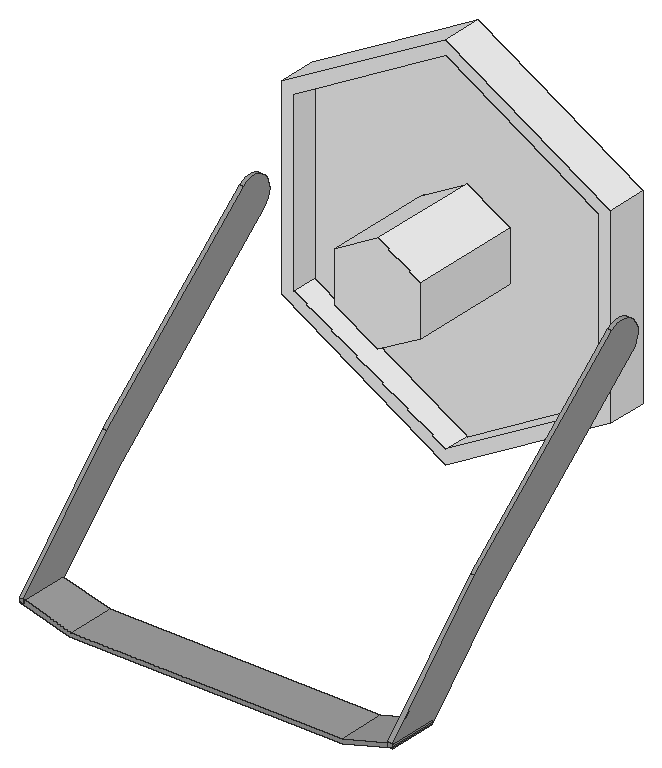
Revit family "Lighting-Floodlights-GEWISS-ESALITE-FL-LED_16K_DALI", category Apparecchi per illuminazione, host Superficie, Revit 2019 (continued)
Types (12, lengths in mm): name | Versions | Technical sheet | Optic | Numero poli | Nominal flux (lm) | built-in parameter 1150142 | Modello | Lumen output (lm) | IDT | File diagramma fotometrico | Descrizione | Colour temperature:
  GWS6434GD - ESALITE 16K 90° 4000K PRO+V.GR.DALI | "4000K natural light" | "https://www.gewiss.com/ww/en/search?q=GWS6434GD" | "90°" | 1 | "17000" | "IESNA:LM-63-2002\r\n[TEST] GWS6434GD\r\n[TESTLAB] GEWISS\r\n[TESTDATE] 31 Aug 2018\r\n[ISSUEDATE] 31 Aug 2018\r\n[MANUFAC] GEWISS\r\n[LUMCAT] GWS6434GD\r\n[LUMINAIRE] ESALITE FL 16K+GLAS 90° GR. DALI LED840\r\n[FLASHAREA] 0.030706\r\n[LAMPCAT] LED 125W/4000K - 14400lm\r\n[LAMP] LED 125W/4000K - 14400lm\r\nTILT=NONE\r\n1 14400.00 1.0 28 19 1 2 -0.402 -0.402 0.000\r\n1.00 1.00 125.00\r\n0.00 2.50 5.00 7.50 10.00 12.50 15.00 17.50 20.00 22.50 \r\n25.00 27.50 30.00 32.50 35.00 37.50 40.00 42.50 45.00 \r\n50.00 55.00 60.00 65.00 70.00 75.00 80.00 85.00 90.00 \r\n0.00 5.00 10.00 15.00 20.00 25.00 30.00 35.00 40.00 45.00 \r\n50.00 55.00 60.00 65.00 70.00 75.00 80.00 85.00 90.00 \r\n8316.86 8296.27 8298.14 8351.71 8458.27 8567.28 8558.06 \r\n8467.78 8355.46 8250.34 8129.09 7984.08 7794.72 7529.90 \r\n7174.80 6646.46 5351.47 2855.95 1245.86 705.72 750.51 \r\n616.25 528.36 414.88 280.40 141.02 45.34 0.86 \r\n8316.86 8299.44 8302.90 8362.94 8476.13 8579.95 8580.10 \r\n8488.08 8375.04 8267.76 8145.65 7992.72 7800.91 7530.34 \r\n7168.61 6633.22 5330.02 2837.66 1236.20 692.65 779.14 \r\n612.27 525.23 412.01 276.38 145.01 44.50 0.85 \r\n8316.86 8295.55 8296.42 8354.45 8472.82 8577.65 8576.93 \r\n8484.34 8374.90 8268.48 8150.26 8001.07 7805.66 7542.00 \r\n7182.86 6646.61 5352.19 2852.64 1237.75 689.88 686.43 \r\n608.13 523.37 409.29 269.37 140.29 42.48 0.84 \r\n8316.86 8294.69 8299.87 8354.88 8477.42 8579.95 8576.93 \r\n8483.33 8369.71 8263.44 8143.92 8000.50 7803.65 7541.42 \r\n7182.00 6644.88 5347.87 2855.23 1240.13 696.82 702.22 \r\n616.00 527.17 407.28 261.55 135.74 43.65 0.83 \r\n8316.86 8295.55 8299.73 8355.46 8486.35 8588.16 8585.57 \r\n8489.95 8370.72 8266.90 8149.97 8001.36 7807.25 7542.43 \r\n7183.44 6645.02 5345.57 2853.22 1234.31 717.11 1150.57 \r\n614.40 525.11 394.19 252.22 125.43 37.74 0.81 \r\n8316.86 8291.09 8292.38 8349.12 8484.19 8584.56 8578.94 \r\n8479.44 8367.41 8265.74 8148.53 8000.78 7806.24 7542.72 \r\n7189.34 6653.09 5358.67 2861.14 1239.12 736.86 1116.23 \r\n622.12 528.88 383.83 248.34 112.94 34.01 0.80 \r\n8316.86 8290.94 8289.94 8354.59 8494.85 8596.37 8584.13 \r\n8484.62 8369.28 8264.45 8150.11 7999.49 7803.22 7538.11 \r\n7186.03 6648.77 5345.42 2847.89 1230.83 743.62 858.59 \r\n621.52 526.29 376.66 245.20 102.31 33.50 0.77 \r\n8316.86 8286.77 8282.45 8353.01 8500.61 8601.26 8591.62 \r\n8481.74 8369.14 8270.35 8154.43 8002.08 7802.21 7541.57 \r\n7192.51 6658.85 5355.94 2856.53 1234.67 745.69 1006.93 \r\n622.80 529.57 384.29 249.02 113.92 33.80 0.75 \r\n8316.86 8285.90 8280.72 8354.59 8514.86 8616.10 8597.09 \r\n8486.93 8375.47 8277.84 8158.90 8008.13 7812.43 7554.53 \r\n7202.88 6670.22 5365.87 2859.26 1230.34 726.57 1056.87 \r\n615.30 527.17 395.74 254.13 127.17 38.12 0.72 \r\n8316.86 8278.70 8273.81 8352.00 8516.30 8622.14 8596.94 \r\n8477.71 8363.52 8261.14 8143.92 7993.58 7794.00 7538.40 \r\n7189.92 6656.54 5357.23 2855.81 1224.82 692.81 687.93 \r\n612.23 524.36 405.91 260.27 134.53 43.50 0.69 \r\n8316.86 8280.43 8271.65 8357.90 8530.13 8644.46 8610.91 \r\n8486.06 8378.50 8279.71 8163.07 8013.74 7818.34 7568.06 \r\n7218.86 6679.58 5373.36 2859.55 1227.79 695.25 686.71 \r\n612.65 526.55 412.59 271.51 141.07 43.21 0.68 \r\n8316.86 8276.26 8268.91 8362.37 8539.49 8652.67 8612.64 \r\n8483.04 8369.71 8269.63 8158.46 8009.57 7805.95 7554.82 \r\n7205.90 6671.81 5370.48 2861.71 1228.06 696.01 756.39 \r\n615.34 526.68 414.30 278.02 144.82 45.18 0.67 \r\n8316.86 8273.38 8271.65 8373.89 8556.91 8665.63 8617.82 \r\n8482.18 8370.72 8277.12 8164.22 8011.73 7808.98 7553.81 \r\n7200.72 6663.31 5353.49 2844.43 1220.21 699.39 751.56 \r\n614.15 525.89 414.13 280.90 140.23 45.49 0.66 \r\n8316.86 8267.47 8266.90 8373.46 8560.37 8667.94 8614.51 \r\n8474.26 8366.40 8273.38 8161.06 8008.13 7810.85 7558.27 \r\n7206.48 6671.52 5362.27 2851.20 1219.08 692.70 782.01 \r\n613.14 525.07 412.92 277.57 145.66 44.72 0.65 \r\n8316.86 8263.15 8267.33 8384.83 8570.45 8680.61 8615.38 \r\n8474.69 8368.56 8274.24 8162.93 8012.45 7811.86 7553.81 \r\n7201.44 6667.63 5362.27 2854.37 1217.32 688.90 681.90 \r\n608.62 522.81 409.78 270.22 140.40 42.78 0.66 \r\n8316.86 8265.89 8265.74 8388.14 8575.20 8689.25 8617.82 \r\n8479.73 8377.63 8285.18 8176.61 8025.12 7826.40 7569.36 \r\n7218.58 6680.16 5370.77 2865.74 1221.36 692.12 712.63 \r\n611.96 523.67 405.33 260.77 135.46 43.63 0.67 \r\n8316.86 8261.71 8264.88 8390.16 8581.39 8687.81 8613.36 \r\n8469.22 8364.82 8273.52 8166.10 8010.86 7813.73 7556.83 \r\n7205.90 6668.06 5354.64 2859.12 1221.11 715.72 1333.70 \r\n613.08 525.11 394.06 253.11 126.36 38.45 0.68 \r\n8316.86 8261.57 8262.14 8394.34 8585.71 8695.73 8618.26 \r\n8470.51 8368.56 8281.44 8168.40 8014.03 7815.31 7556.83 \r\n7211.23 6669.07 5360.26 2860.70 1223.77 729.81 1224.84 \r\n621.24 526.92 381.87 248.03 112.85 34.05 0.69 \r\n8316.86 8267.33 8267.33 8396.50 8590.18 8696.88 8611.34 \r\n8468.64 8364.96 8274.82 8157.74 8001.50 7800.34 7538.98 \r\n7199.57 6663.46 5362.99 2872.94 1233.00 745.49 850.12 \r\n625.65 530.88 378.60 247.94 103.02 34.38 0.69 \r\n" | "GWS6434GD" | "14400" | "d91f92a02ab34bd888a51b3b2dd18d37" | "GWS6434GD.IES" | "ESALITE 16K 90° 4000K PRO+V.GR.DALI" | "4000 K (CRI>80)"
  GWS6434GD30K - ESALITE 16K 90° 3000K PRO+V.GR.DALI | "3000K warm light" | "https://www.gewiss.com/ww/en/search?q=GWS6434GD30K" | "90°" | 1 | "16000" | "IESNA:LM-63-2002\r\n[TEST] GWS6434GD30K\r\n[TESTLAB] GEWISS\r\n[TESTDATE] 31 Aug 2018\r\n[ISSUEDATE] 31 Aug 2018\r\n[MANUFAC] GEWISS\r\n[LUMCAT] GWS6434GD30K\r\n[LUMINAIRE] ESALITE FL 16K+GLAS 90° GR. DALI LED830\r\n[FLASHAREA] 0.030706\r\n[LAMPCAT] LED 125W/3000K - 13400lm\r\n[LAMP] LED 125W/3000K - 13400lm\r\nTILT=NONE\r\n1 13400.00 1.0 28 19 1 2 -0.402 -0.402 0.000\r\n1.00 1.00 125.00\r\n0.00 2.50 5.00 7.50 10.00 12.50 15.00 17.50 20.00 22.50 \r\n25.00 27.50 30.00 32.50 35.00 37.50 40.00 42.50 45.00 \r\n50.00 55.00 60.00 65.00 70.00 75.00 80.00 85.00 90.00 \r\n0.00 5.00 10.00 15.00 20.00 25.00 30.00 35.00 40.00 45.00 \r\n50.00 55.00 60.00 65.00 70.00 75.00 80.00 85.00 90.00 \r\n7739.30 7720.14 7721.88 7771.73 7870.89 7972.33 7963.75 \r\n7879.74 7775.22 7677.40 7564.57 7429.63 7253.42 7006.99 \r\n6676.55 6184.90 4979.84 2657.62 1159.34 656.71 698.39 \r\n573.45 491.67 386.07 260.92 131.22 42.19 0.80 \r\n7739.30 7723.09 7726.31 7782.18 7887.51 7984.12 7984.26 \r\n7898.63 7793.44 7693.61 7579.98 7437.67 7259.18 7007.40 \r\n6670.79 6172.58 4959.88 2640.60 1150.35 644.55 725.03 \r\n569.75 488.75 383.40 257.19 134.94 41.41 0.79 \r\n7739.30 7719.47 7720.28 7774.28 7884.43 7981.98 7981.31 \r\n7895.15 7793.31 7694.28 7584.27 7445.44 7263.60 7018.25 \r\n6684.05 6185.04 4980.51 2654.54 1151.80 641.97 638.76 \r\n565.90 487.02 380.87 250.66 130.55 39.53 0.78 \r\n7739.30 7718.67 7723.49 7774.68 7888.71 7984.12 7981.31 \r\n7894.21 7788.48 7689.59 7578.37 7444.91 7261.73 7017.71 \r\n6683.25 6183.43 4976.49 2656.95 1154.01 648.43 653.45 \r\n573.23 490.56 378.99 243.38 126.31 40.62 0.77 \r\n7739.30 7719.47 7723.36 7775.22 7897.02 7991.76 7989.35 \r\n7900.37 7789.42 7692.81 7584.00 7445.71 7265.08 7018.65 \r\n6684.59 6183.56 4974.35 2655.08 1148.59 667.31 1070.67 \r\n571.74 488.64 366.81 234.70 116.72 35.12 0.75 \r\n7739.30 7715.32 7716.52 7769.32 7895.01 7988.41 7983.18 \r\n7890.59 7786.34 7691.73 7582.66 7445.17 7264.14 7018.92 \r\n6690.08 6191.07 4986.54 2662.45 1153.07 685.69 1038.71 \r\n578.92 492.16 357.18 231.10 105.10 31.65 0.74 \r\n7739.30 7715.18 7714.25 7774.41 7904.93 7999.40 7988.01 \r\n7895.41 7788.08 7690.53 7584.13 7443.97 7261.33 7014.63 \r\n6687.00 6187.05 4974.21 2650.12 1145.35 691.98 798.96 \r\n578.36 489.74 350.50 228.18 95.21 31.18 0.71 \r\n7739.30 7711.30 7707.28 7772.94 7910.29 8003.95 7994.98 \r\n7892.73 7787.95 7696.02 7588.15 7446.38 7260.39 7017.85 \r\n6693.03 6196.43 4984.00 2658.16 1148.93 693.91 937.01 \r\n579.55 492.80 357.61 231.73 106.01 31.46 0.69 \r\n7739.30 7710.49 7705.67 7774.41 7923.55 8017.76 8000.07 \r\n7897.56 7793.84 7702.99 7592.31 7452.01 7269.90 7029.91 \r\n6702.68 6207.01 4993.24 2660.70 1144.90 676.11 983.48 \r\n572.57 490.56 368.26 236.48 118.34 35.48 0.67 \r\n7739.30 7703.79 7699.24 7772.00 7924.89 8023.38 7999.93 \r\n7888.98 7782.72 7687.45 7578.37 7438.47 7252.75 7014.90 \r\n6690.62 6194.28 4985.20 2657.49 1139.76 644.70 640.16 \r\n569.71 487.95 377.72 242.19 125.19 40.48 0.65 \r\n7739.30 7705.40 7697.23 7777.49 7937.76 8044.15 8012.93 \r\n7896.75 7796.66 7704.73 7596.19 7457.23 7275.40 7042.50 \r\n6717.55 6215.72 5000.21 2660.97 1142.52 646.97 639.02 \r\n570.10 489.98 383.94 252.66 131.28 40.21 0.63 \r\n7739.30 7701.52 7694.68 7781.65 7946.47 8051.79 8014.54 \r\n7893.94 7788.48 7695.35 7591.90 7453.35 7263.87 7030.18 \r\n6705.49 6208.49 4997.53 2662.98 1142.78 647.68 703.86 \r\n572.61 490.11 385.53 258.71 134.76 42.04 0.62 \r\n7739.30 7698.84 7697.23 7792.37 7962.68 8063.85 8019.36 \r\n7893.14 7789.42 7702.32 7597.26 7455.36 7266.69 7029.24 \r\n6700.67 6200.58 4981.72 2646.90 1135.48 650.82 699.37 \r\n571.50 489.37 385.37 261.39 130.49 42.33 0.61 \r\n7739.30 7693.34 7692.81 7791.97 7965.90 8066.00 8016.28 \r\n7885.77 7785.40 7698.84 7594.32 7452.01 7268.43 7033.39 \r\n6706.03 6208.22 4989.89 2653.20 1134.42 644.59 727.70 \r\n570.56 488.60 384.25 258.30 135.54 41.61 0.61 \r\n7739.30 7689.32 7693.21 7802.55 7975.28 8077.79 8017.09 \r\n7886.17 7787.41 7699.64 7596.06 7456.03 7269.37 7029.24 \r\n6701.34 6204.60 4989.89 2656.15 1132.78 641.06 634.54 \r\n566.35 486.50 381.32 251.45 130.65 39.81 0.62 \r\n7739.30 7691.87 7691.73 7805.63 7979.70 8085.83 8019.36 \r\n7890.86 7795.85 7709.82 7608.79 7467.82 7282.90 7043.71 \r\n6717.29 6216.26 4997.80 2666.73 1136.55 644.06 663.14 \r\n569.46 487.30 377.18 242.66 126.06 40.60 0.63 \r\n7739.30 7687.98 7690.93 7807.51 7985.46 8084.49 8015.21 \r\n7881.08 7783.93 7698.97 7599.01 7454.55 7271.11 7032.05 \r\n6705.49 6205.00 4982.79 2660.57 1136.31 666.02 1241.08 \r\n570.51 488.64 366.69 235.53 117.59 35.78 0.63 \r\n7739.30 7687.85 7688.38 7811.40 7989.48 8091.86 8019.77 \r\n7882.28 7787.41 7706.34 7601.15 7457.50 7272.58 7032.05 \r\n6710.45 6205.94 4988.02 2662.04 1138.79 679.13 1139.78 \r\n578.10 490.33 355.35 230.80 105.01 31.69 0.64 \r\n7739.30 7693.21 7693.21 7813.41 7993.64 8092.93 8013.33 \r\n7880.54 7784.06 7700.18 7591.23 7445.84 7258.65 7015.44 \r\n6699.60 6200.72 4990.56 2673.43 1147.38 693.72 791.08 \r\n582.20 494.02 352.31 230.72 95.87 31.99 0.64 \r\n" | "GWS6434GD30K" | "13400" | "d8864df1efa3477986d1c3ef948692d3" | "GWS6434GD30K.IES" | "ESALITE 16K 90° 3000K PRO+V.GR.DALI" | "3000 K (CRI>80)"
  GWS6434GD57K - ESALITE 16K 90° 5700K PRO+V.GR.DALI | "5700K cold light" | "https://www.gewiss.com/ww/en/search?q=GWS6434GD57K" | "90°" | 1 | "17000" | "IESNA:LM-63-2002\r\n[TEST] GWS6434GD57K\r\n[TESTLAB] GEWISS\r\n[TESTDATE] 31 Aug 2018\r\n[ISSUEDATE] 31 Aug 2018\r\n[MANUFAC] GEWISS\r\n[LUMCAT] GWS6434GD57K\r\n[LUMINAIRE] ESALITE FL 16K+GLAS 90° GR. DALI LED857\r\n[FLASHAREA] 0.030706\r\n[LAMPCAT] LED 125W/5700K - 14400lm\r\n[LAMP] LED 125W/5700K - 14400lm\r\nTILT=NONE\r\n1 14400.00 1.0 28 19 1 2 -0.402 -0.402 0.000\r\n1.00 1.00 125.00\r\n0.00 2.50 5.00 7.50 10.00 12.50 15.00 17.50 20.00 22.50 \r\n25.00 27.50 30.00 32.50 35.00 37.50 40.00 42.50 45.00 \r\n50.00 55.00 60.00 65.00 70.00 75.00 80.00 85.00 90.00 \r\n0.00 5.00 10.00 15.00 20.00 25.00 30.00 35.00 40.00 45.00 \r\n50.00 55.00 60.00 65.00 70.00 75.00 80.00 85.00 90.00 \r\n8316.86 8296.27 8298.14 8351.71 8458.27 8567.28 8558.06 \r\n8467.78 8355.46 8250.34 8129.09 7984.08 7794.72 7529.90 \r\n7174.80 6646.46 5351.47 2855.95 1245.86 705.72 750.51 \r\n616.25 528.36 414.88 280.40 141.02 45.34 0.86 \r\n8316.86 8299.44 8302.90 8362.94 8476.13 8579.95 8580.10 \r\n8488.08 8375.04 8267.76 8145.65 7992.72 7800.91 7530.34 \r\n7168.61 6633.22 5330.02 2837.66 1236.20 692.65 779.14 \r\n612.27 525.23 412.01 276.38 145.01 44.50 0.85 \r\n8316.86 8295.55 8296.42 8354.45 8472.82 8577.65 8576.93 \r\n8484.34 8374.90 8268.48 8150.26 8001.07 7805.66 7542.00 \r\n7182.86 6646.61 5352.19 2852.64 1237.75 689.88 686.43 \r\n608.13 523.37 409.29 269.37 140.29 42.48 0.84 \r\n8316.86 8294.69 8299.87 8354.88 8477.42 8579.95 8576.93 \r\n8483.33 8369.71 8263.44 8143.92 8000.50 7803.65 7541.42 \r\n7182.00 6644.88 5347.87 2855.23 1240.13 696.82 702.22 \r\n616.00 527.17 407.28 261.55 135.74 43.65 0.83 \r\n8316.86 8295.55 8299.73 8355.46 8486.35 8588.16 8585.57 \r\n8489.95 8370.72 8266.90 8149.97 8001.36 7807.25 7542.43 \r\n7183.44 6645.02 5345.57 2853.22 1234.31 717.11 1150.57 \r\n614.40 525.11 394.19 252.22 125.43 37.74 0.81 \r\n8316.86 8291.09 8292.38 8349.12 8484.19 8584.56 8578.94 \r\n8479.44 8367.41 8265.74 8148.53 8000.78 7806.24 7542.72 \r\n7189.34 6653.09 5358.67 2861.14 1239.12 736.86 1116.23 \r\n622.12 528.88 383.83 248.34 112.94 34.01 0.80 \r\n8316.86 8290.94 8289.94 8354.59 8494.85 8596.37 8584.13 \r\n8484.62 8369.28 8264.45 8150.11 7999.49 7803.22 7538.11 \r\n7186.03 6648.77 5345.42 2847.89 1230.83 743.62 858.59 \r\n621.52 526.29 376.66 245.20 102.31 33.50 0.77 \r\n8316.86 8286.77 8282.45 8353.01 8500.61 8601.26 8591.62 \r\n8481.74 8369.14 8270.35 8154.43 8002.08 7802.21 7541.57 \r\n7192.51 6658.85 5355.94 2856.53 1234.67 745.69 1006.93 \r\n622.80 529.57 384.29 249.02 113.92 33.80 0.75 \r\n8316.86 8285.90 8280.72 8354.59 8514.86 8616.10 8597.09 \r\n8486.93 8375.47 8277.84 8158.90 8008.13 7812.43 7554.53 \r\n7202.88 6670.22 5365.87 2859.26 1230.34 726.57 1056.87 \r\n615.30 527.17 395.74 254.13 127.17 38.12 0.72 \r\n8316.86 8278.70 8273.81 8352.00 8516.30 8622.14 8596.94 \r\n8477.71 8363.52 8261.14 8143.92 7993.58 7794.00 7538.40 \r\n7189.92 6656.54 5357.23 2855.81 1224.82 692.81 687.93 \r\n612.23 524.36 405.91 260.27 134.53 43.50 0.69 \r\n8316.86 8280.43 8271.65 8357.90 8530.13 8644.46 8610.91 \r\n8486.06 8378.50 8279.71 8163.07 8013.74 7818.34 7568.06 \r\n7218.86 6679.58 5373.36 2859.55 1227.79 695.25 686.71 \r\n612.65 526.55 412.59 271.51 141.07 43.21 0.68 \r\n8316.86 8276.26 8268.91 8362.37 8539.49 8652.67 8612.64 \r\n8483.04 8369.71 8269.63 8158.46 8009.57 7805.95 7554.82 \r\n7205.90 6671.81 5370.48 2861.71 1228.06 696.01 756.39 \r\n615.34 526.68 414.30 278.02 144.82 45.18 0.67 \r\n8316.86 8273.38 8271.65 8373.89 8556.91 8665.63 8617.82 \r\n8482.18 8370.72 8277.12 8164.22 8011.73 7808.98 7553.81 \r\n7200.72 6663.31 5353.49 2844.43 1220.21 699.39 751.56 \r\n614.15 525.89 414.13 280.90 140.23 45.49 0.66 \r\n8316.86 8267.47 8266.90 8373.46 8560.37 8667.94 8614.51 \r\n8474.26 8366.40 8273.38 8161.06 8008.13 7810.85 7558.27 \r\n7206.48 6671.52 5362.27 2851.20 1219.08 692.70 782.01 \r\n613.14 525.07 412.92 277.57 145.66 44.72 0.65 \r\n8316.86 8263.15 8267.33 8384.83 8570.45 8680.61 8615.38 \r\n8474.69 8368.56 8274.24 8162.93 8012.45 7811.86 7553.81 \r\n7201.44 6667.63 5362.27 2854.37 1217.32 688.90 681.90 \r\n608.62 522.81 409.78 270.22 140.40 42.78 0.66 \r\n8316.86 8265.89 8265.74 8388.14 8575.20 8689.25 8617.82 \r\n8479.73 8377.63 8285.18 8176.61 8025.12 7826.40 7569.36 \r\n7218.58 6680.16 5370.77 2865.74 1221.36 692.12 712.63 \r\n611.96 523.67 405.33 260.77 135.46 43.63 0.67 \r\n8316.86 8261.71 8264.88 8390.16 8581.39 8687.81 8613.36 \r\n8469.22 8364.82 8273.52 8166.10 8010.86 7813.73 7556.83 \r\n7205.90 6668.06 5354.64 2859.12 1221.11 715.72 1333.70 \r\n613.08 525.11 394.06 253.11 126.36 38.45 0.68 \r\n8316.86 8261.57 8262.14 8394.34 8585.71 8695.73 8618.26 \r\n8470.51 8368.56 8281.44 8168.40 8014.03 7815.31 7556.83 \r\n7211.23 6669.07 5360.26 2860.70 1223.77 729.81 1224.84 \r\n621.24 526.92 381.87 248.03 112.85 34.05 0.69 \r\n8316.86 8267.33 8267.33 8396.50 8590.18 8696.88 8611.34 \r\n8468.64 8364.96 8274.82 8157.74 8001.50 7800.34 7538.98 \r\n7199.57 6663.46 5362.99 2872.94 1233.00 745.49 850.12 \r\n625.65 530.88 378.60 247.94 103.02 34.38 0.69 \r\n" | "GWS6434GD57K" | "14400" | "2e22ab3621524e29b2144a911f573489" | "GWS6434GD57K.IES" | "ESALITE 16K 90° 5700K PRO+V.GR.DALI" | "5700 K (CRI>80)"
